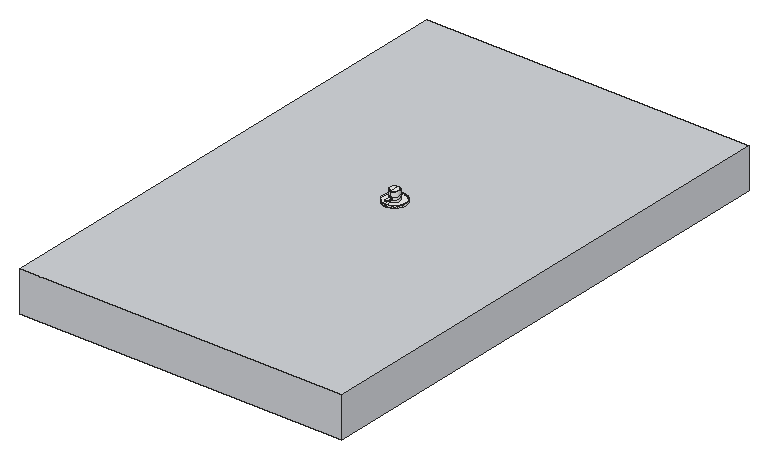
Revit family "Thermostatic_Trim-GROHE-Eurostyle-19869_Series", category Plumbing Fixtures, host Face, Revit 2014
Parameters (values of type "19869000")
  Width = 6 11/16"  # constant formula
  Waste Connection = no
  Warranty Documentation Link = "https://cdn.cloud.grohe.com/tpi/1000/1900/1940/1949/1949006/original/1949006.pdf"
  WFU = 4  # constant formula
  Vent Connection = no
  URL = "https://www.grohe.us"
  Type Comments = ""
  Tempered Connection Radius = Tempered Connection Diameter / 2  # 1/4"
  Tempered Connection Diameter = Hot Water Connection Diameter  # 1/2"
  Shipping Weight = 4.189 lbf
  Product Page URL = "https://www.grohe.us/en_us/europlus-single-function-thermostatic-trim-with-control-module-19869000.html"
  Price = "Prices may vary. Please consult Manufacturer Representative for most up-to-date price list."  # constant formula
  Model = "19869000"
  Material = "Metal-Grohe-000-Chrome"
  Manufacturer = "Grohe"
  Length = 3 7/16"  # constant formula
  Installation Type = "Wall Mounted"
  Hot Water Connection Radius = Hot Water Connection Diameter / 2  # 1/4"
  Hot Water Connection Diameter = Cold Water Connection Diameter  # 1/2"
  Height = 40"
  HWFU = 3  # constant formula
  HW Connection = yes
  Flow Rate = "6.3 gpm at 45 psi (25l/min)"  # constant formula
  Finish = Metal-Grohe-000-Chrome
  Description = "Europlus Single function thermostatic trim with control module"  # constant formula
  Default Elevation = 44"  # constant formula
  Creation Date = "06/26/2017"  # constant formula
  Cold Water Connection Radius = 1/4"  # constant formula
  Cold Water Connection Diameter = Cold Water Connection Radius * 2  # 1/2"
  CWFU = 3  # constant formula
  CW Connection = yes
  Assembly Code = "D2010710"
Types (2): name | Shipping Weight | Product Page URL | Model | Material | Finish
  19869000 | 4.189 lbf | "https://www.grohe.us/en_us/europlus-single-function-thermostatic-trim-with-control-module-19869000.html" | "19869000" | "Metal-Grohe-000-Chrome" | Metal-Grohe-000-Chrome
  19869EN0 | 4.010 lbf | "https://www.grohe.us/en_us/single-function-thermostatic-trim-with-control-module-19869EN0.html" | "19869EN0" | "Metal-Grohe-EN0-Brushed Nickel" | Metal-Grohe-EN0-Brushed Nickel
Reference planes (in)
  plane 1 "Center (Front/Back)": y = 0
  plane 2: z = 0
  plane 3 "Center (Left/Right)": x = 0
  plane 4: y = 40
  plane 5: y = -18
  plane 6: y = -39
  plane 7: x = -1.21875
  plane 8: x = 1.21875
  plane 9: x = -3.34375
  plane 10: x = 3.34375
  plane 11: z = 0.375
  plane 12: z = 4
  plane 13: z = 3.38878
  plane 14: z = 0.8125
  plane 15: y = 3.34375
  plane 16: y = -3.34375
  plane 17: z = 2.5749
  plane 18: z = 2.22281
  plane 19: z = 1.62111
  plane 20: z = 1.4497
Forms (in)
  Extrusion 1, solid
    sketch origin (0, 0, 0) x (1, 0, 0) y (0, 1, 0)
      loop
        line (-48, 72) -> (-48, -79.70833) -> (48, -79.70833) -> (48, 72) -> (-48, 72)
    from 0 to -12
  Revolve 2, solid, material "Metal-Grohe-000-Chrome" <- "Finish"
    sketch origin (0, 0, 0) x (0, 1, 0) y (0, 0, 1)
      loop
        line (3.34375, 0) -> (3.34375, 0.4285)
        arc (3.34375, 0.4285) -> (3.32281, 0.47906) -> (3.27225, 0.5) r 0.0715
        line (3.27225, 0.5) -> (1.34375, 0.5) -> (1.34375, 1.10447) -> (1.2652, 1.10447) -> (1.2652, 1.17424) -> (1.34375, 1.17424) -> (1.34375, 1.85447) -> (1.2652, 1.85447) -> (1.2652, 1.92424) -> (1.34375, 1.92424) -> (1.34375, 3.22068)
        arc (1.34375, 3.22068) -> (1.33564, 3.24345) -> (1.31496, 3.25598) r 0.03603
        arc (1.31496, 3.25598) -> (0.66087, 3.35609) -> (0, 3.38957) r 6.53843
        line (0, 3.38957) -> (0, 0) -> (3.34375, 0)
      axis (0, 3.38957) -> (0, 0)
    angle from 0 to 360
  Extrusion 3, solid, material "Metal-Grohe-000-Chrome" <- "Finish"
    sketch origin (0, 0, 0) x (1, 0, 0) y (0, 1, 0)
      loop
        line (-0.39648, 0) -> (-0.39648, -2.96358)
        arc (-0.39648, -2.96358) -> (0, -3.36006) -> (0.39648, -2.96358) r 0.39648
        line (0.39648, -2.96358) -> (0.39648, 0) -> (-0.39648, 0)
    from 1.4497 to 1.62111
  Extrusion 4, solid, material "Metal-Grohe-000-Chrome" <- "Finish"
    sketch origin (0, 0, 0) x (1, 0, 0) y (0, 1, 0)
      loop
        line (-0.37577, 1.68869) -> (-0.37577, 0.9505) -> (0.37577, 0.9505) -> (0.37577, 1.68869)
        arc (0.37577, 1.68869) -> (0.36367, 1.73085) -> (0.33103, 1.76017) r 0.07947
        arc (0.33103, 1.76017) -> (0, 1.83632) -> (-0.33103, 1.76017) r 0.75756
        arc (-0.33103, 1.76017) -> (-0.36367, 1.73085) -> (-0.37577, 1.68869) r 0.07947
    from 2.22281 to 2.5749
  Extrusion 5, solid, material "Metal-Grohe-000-Chrome" <- "Finish"
    sketch origin (0, 0, 0) x (1, 0, 0) y (0, 1, 0)
      loop
        circle (-0.71759, 0) r 0.25
      loop
        circle (0.71759, 0) r 0.25
    from 0 to 0.0625
Cuts and joins
  joined: Revolve 2, Extrusion 3, Extrusion 4, Extrusion 5
Lines and regions (in)
  Masking region 1
    outline origin (0, 0, 0) x (1, 0, 0) y (0, 0, 1)
      loop
        line (3.34375, 0) -> (3.34375, 0.42537)
        arc (3.34375, 0.42537) -> (3.32189, 0.47814) -> (3.26912, 0.5) r 0.07463
        line (3.26912, 0.5) -> (1.34375, 0.5) -> (1.34375, 1.10447) -> (1.2652, 1.10447) -> (1.2652, 1.17424) -> (1.34375, 1.17424) -> (1.34375, 1.85447) -> (1.2652, 1.85447) -> (1.2652, 1.92424) -> (1.34375, 1.92424) -> (1.34375, 3.21741)
        arc (1.34375, 3.21741) -> (1.33415, 3.24428) -> (1.3097, 3.25899) r 0.04242
        arc (1.3097, 3.25899) -> (-0.00235, 3.38882) -> (-1.31405, 3.25547) r 6.60509
        arc (-1.31405, 3.25547) -> (-1.33538, 3.24257) -> (-1.34375, 3.21909) r 0.03712
        line (-1.34375, 3.21909) -> (-1.34375, 1.92424) -> (-1.2652, 1.92424) -> (-1.2652, 1.85447) -> (-1.34375, 1.85447) -> (-1.34375, 1.17424) -> (-1.2652, 1.17424) -> (-1.2652, 1.10447) -> (-1.34375, 1.10447) -> (-1.34375, 0.5) -> (-3.26912, 0.5)
        arc (-3.26912, 0.5) -> (-3.32189, 0.47814) -> (-3.34375, 0.42537) r 0.07463
        line (-3.34375, 0.42537) -> (-3.34375, 0) -> (3.34375, 0)
  symbolic lines, detail levels fine
    curve 1: line (0.37577, 0, 2.5749) -> (-0.37577, 0, 2.5749)
    curve 2: line (0.37577, 0, 2.22281) -> (0.37577, 0, 2.5749)
    curve 3: line (-0.37577, 0, 2.22281) -> (0.37577, 0, 2.22281)
    curve 4: line (-0.37577, 0, 2.5749) -> (-0.37577, 0, 2.22281)
    curve 5: line (1.2652, 0, 1.92424) -> (-1.2652, 0, 1.92424)
    curve 6: line (-1.2652, 0, 1.85447) -> (1.2652, 0, 1.85447)
    curve 7: line (1.2652, 0, 1.17424) -> (-1.2652, 0, 1.17424)
    curve 8: line (-1.2652, 0, 1.10447) -> (1.2652, 0, 1.10447)
  symbolic lines, detail levels medium+fine
    curve 9: line (1.34375, 0, 0.5) -> (-1.34375, 0, 0.5)
Dimensions and locks (in)
  plane 1 "Center (Front/Back)" to plane 5 = 18"
  plane 5 to plane 6 = 21"
  plane 1 "Center (Front/Back)" to plane 4 = 40"
  plane 11 to level = 3/8"
  plane 12 to level = 4"
  level to plane 13 = 3.38878"
  plane 14 to level = 13/16"
  equal spacing: plane 15, plane 1 "Center (Front/Back)", plane 16
  plane 15 to plane 16 = 6 11/16"
  "Hot Water Connection Diameter": diameter of Extrusion 5 sketch curve
  "Cold Water Connection Diameter": diameter of Extrusion 5 sketch curve
  aligned and locked: plane 2 to Extrusion 1
  aligned and locked: level to Extrusion 1
Automatic sketch dimensions
  Extrusion 1 sketch curve to Extrusion 1 sketch curve = 96"
  Extrusion 1 sketch curve to Extrusion 1 sketch curve = 151.70833"
  Revolve 2 sketch curve to plane 1 "Center (Front/Back)" = 0"  (x2)
  Revolve 2 sketch curve to level = 0"
  Revolve 2 sketch curve to plane 15 = 0"
  Revolve 2 sketch curve to plane 1 "Center (Front/Back)" = 1.2652"
  plane 14 to Revolve 2 sketch curve = 0.29197"
  Revolve 2 sketch curve to Revolve 2 sketch curve = 0"  (x3)
  plane 13 to Revolve 2 sketch curve = 0.1681"
  Revolve 2 sketch curve to Revolve 2 sketch curve = 0.04251"
  Revolve 2 sketch curve to Revolve 2 sketch curve = 0.07855"
  plane 15 to Revolve 2 sketch curve = 0.0715"
  Revolve 2 sketch curve to level = 3.14886"
  plane 11 to Revolve 2 sketch curve = 0.0535"
  Revolve 2 sketch curve to Revolve 2 sketch curve = 0.06977"  (x2)
  Revolve 2 sketch curve to Revolve 2 sketch curve = 0.68023"
  Revolve 2 sketch curve to plane 13 = 0.00079"
  plane 12 to Revolve 2 sketch curve = 1.99585"
  Revolve 2 sketch curve to Revolve 2 sketch curve = 0.35576"
  plane 1 "Center (Front/Back)" to Extrusion 3 sketch curve = 0"
  Extrusion 3 sketch curve to plane 3 "Center (Left/Right)" = 0"
  plane 16 to Extrusion 3 sketch curve = 0.38017"
  plane 3 "Center (Left/Right)" to Extrusion 3 sketch curve = 0.39648"
  Extrusion 4 sketch curve to plane 3 "Center (Left/Right)" = 0"
  Extrusion 4 sketch curve to plane 3 "Center (Left/Right)" = 0.2963"
  plane 3 "Center (Left/Right)" to Extrusion 4 sketch curve = 0.2963"
  Extrusion 4 sketch curve to Extrusion 4 sketch curve = 0.07947"
  Extrusion 4 sketch curve to plane 1 "Center (Front/Back)" = 0.9505"
  Extrusion 4 sketch curve to Extrusion 4 sketch curve = 0.12826"
  Extrusion 4 sketch curve to Extrusion 4 sketch curve = 0"  (x3)
  Extrusion 4 sketch curve to Extrusion 4 sketch curve = 0.04474"
  Masking region 1 sketch curve to plane 9 = 0"
  plane 10 to Masking region 1 sketch curve = 0"
  Masking region 1 sketch curve to level = 0"
  Masking region 1 sketch curve to Masking region 1 sketch curve = 0.07463"
  Masking region 1 sketch curve to plane 7 = 1/8"
  Masking region 1 sketch curve to Masking region 1 sketch curve = 0"  (x4)
  Masking region 1 sketch curve to Masking region 1 sketch curve = 0.03712"
  Masking region 1 sketch curve to plane 7 = 0.04645"  (x2)
  plane 3 "Center (Left/Right)" to Masking region 1 sketch curve = 0.00652"
  Masking region 1 sketch curve to plane 8 = 0.04645"  (x2)
  Masking region 1 sketch curve to plane 8 = 0.08258"
  Masking region 1 sketch curve to Masking region 1 sketch curve = 0.04242"
  Masking region 1 sketch curve to plane 8 = 1/8"
  plane 10 to Masking region 1 sketch curve = 0.07463"
  Masking region 1 sketch curve to level = 3.21626"
  Masking region 1 sketch curve to plane 14 = 0.38713"  (x2)
  plane 14 to Masking region 1 sketch curve = 0.29197"  (x2)
  Masking region 1 sketch curve to Masking region 1 sketch curve = 0.06977"  (x4)
  plane 19 to Masking region 1 sketch curve = 0.23336"  (x2)
  plane 13 to Masking region 1 sketch curve = 0.17137"
  plane 13 to Masking region 1 sketch curve = 0.16968"
  curve 4 to plane 17 = 0"
  curve 4 to plane 18 = 0"
  curve 4 to plane 3 "Center (Left/Right)" = 0.37577"
  plane 3 "Center (Left/Right)" to curve 3 = 0.37577"
  curve 5 to plane 7 = 0.04645"
  curve 6 to plane 7 = 0.04645"
  curve 7 to plane 7 = 0.04645"
  curve 8 to plane 7 = 0.04645"
  curve 9 to plane 7 = 1/8"
  curve 5 to plane 8 = 0.04645"
  curve 8 to plane 8 = 0.04645"
  curve 6 to plane 8 = 0.04645"
  curve 7 to plane 8 = 0.04645"
  curve 9 to plane 8 = 1/8"
  curve 5 to plane 18 = 0.29856"
  curve 6 to curve 5 = 0.06977"
  curve 7 to plane 20 = 0.27546"
  curve 8 to curve 7 = 0.06977"
  curve 9 to plane 14 = 5/16"
  plane 1 "Center (Front/Back)" to Extrusion 5 sketch curve = 0"  (x2)
  plane 7 to Extrusion 5 sketch curve = 0.50116"
  plane 8 to Extrusion 5 sketch curve = 0.50116"
Connectors (in)
  piping at (-0.71759, 0, 0), diameter 0.5, driven by "Hot Water Connection Diameter"
    settings: on Extrusion 5, index 1, connector inside diameter 24", connector length 0", flow factor 0, pipe flow 0 GPM, pressure drop 0.00 psi, fitting loss kfactor 0, connector angle 0.00°, fixture units 0, engagement length 0", angle of deflection 0.00°, flow configuration 3, flow direction 1, fitting loss method 0, system type 19, joint type 0, gender type 0, connector reference index -1, connector utility 0, adjustable connector no, is connector primary yes, connector description "1/2\" NPT HW Inlet"
  piping at (0.71759, 0, 0), diameter 0.5, driven by "Cold Water Connection Diameter"
    settings: on Extrusion 5, index 2, connector inside diameter 24", connector length 0", flow factor 0, pipe flow 0 GPM, pressure drop 0.00 psi, fitting loss kfactor 0, connector angle 0.00°, fixture units 0, engagement length 0", angle of deflection 0.00°, flow configuration 3, flow direction 1, fitting loss method 0, system type 20, joint type 0, gender type 0, connector reference index -1, connector utility 0, adjustable connector no, is connector primary no, connector description "1/2\" NPT CW Inlet"
